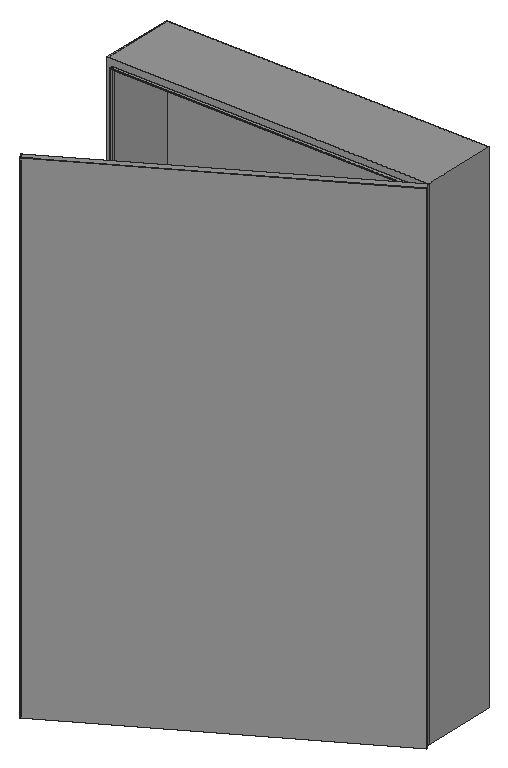
Revit family "Hager-Univers-IP54-D205-H1250-Cl.I-Encl-NoHosted-CH-en", category Equipement électrique, Revit 2020
Family settings
  Configuration du panneau = Deux colonnes, circuits au sein
  Cote de connecteur circulaire = Utiliser le diamètre
  Type d'élément = Tableau de raccordement
  Basée sur le plan de construction = Oui
  Toujours verticalement = Oui
  Couper avec des vides une fois chargée = Non
  Partagée = Non
  Point de calcul de pièce = Non
Parameters (values of type "Surface mounted (plaster) IP54 W800 H1250 D205  - FP83TW2")
  Width Control [instance] = if([EF000008 - Width] > Min Width, [EF000008 - Width], Min Width)  # 800 mm
  Commentaires du type = [HG000003 - Range]  # "Univers"
  Thickness Door [instance] = if([EF009171 - Material plate thickness door/cover] > 3 mm, 3 mm, [EF009171 - Material plate thickness door/cover])  # 1 mm
  Seal Frame Offset [instance] = 17 mm  # constant formula
  Plinth Visibility [instance] = [HG000027 - Plinth height] > 0 mm  # no
  Min Width [instance] = 100 mm  # constant formula
  Min Depth [instance] = (2 * [EF009170 - Material plate thickness cabinet]) + 1 mm  # 3 mm
  Min Height [instance] = 100 mm  # constant formula
  Internal Frame Depth [instance] = (Door System Depth * 0.5)  # 9 mm
  Panel Name [instance] = ""  # (empty or 0)
  Model = ""
  HG000027 - Plinth height = 0 mm
  HG000026 - Floor standing = no
  HG000024 - Bottom section height = 600 mm
  HG000023 - Double section enclosure = no
  HG000016 - Door 3d visibility [instance] = yes
  HG000015 - Clearance visibility [instance] = no
  HG000014 - Door on the right [instance] = yes
  HG000013 - Door on the left [instance] = not([HG000014 - Door on the right])  # no
  HG000012 - Door swing angle [instance] = 30.00°
  HG000010 - Asymmetric doors = no
  HG000009 - Double swing door = no
  HG000006 - Flush mounted = no
  HG000004 - Manufacturer reference = "FP83TW2"
  HG000003 - Range = "Univers"
  HG000002 - With door or cover = yes
  Frame Offset Bottom [instance] = 10 mm  # constant formula
  Frame Offset [instance] = 15 mm  # constant formula
  EF015940 - Cover with overpressure release = no
  EF011959 - Degree of protection (NEMA) = ""
  EF009554 - Number of openings for flange plates = 6
  EF009212 - Cover model = "EV000116 - Closed"
  EF009171 - Material plate thickness door/cover = 1 mm
  EF009170 - Material plate thickness cabinet = 1 mm
  EF008873 - Nominal current (In) = 250 A
  EF007800 - Suitable for lightning protection = no
  EF006306 - With lock = no
  EF006244 - Transparent cover/door = no
  EF005474 - Degree of protection (IP) = "EV006419 - IP54"
  EF004464 - Type of door = "EV002646 - Single"
  EF004427 - Number of modules = 288
  EF004293 - Impact strength = "EV006815 - IK09"
  EF003532 - Suitable for outdoor use = no
  EF002950 - Width in number of modular spacings = 36
  EF001613 - Circuit integrity = "EV000494 - None"
  EF001596 - Material housing = "EV000179 - Steel"
  EF001131 - Internal depth = 130 mm
  EF001088 - Extension possible = yes
  EF000437 - Number of conduit inlets = 6
  EF000339 - Type of cover = "EV001012 - Cover"
  EF000266 - Number of rows = 8
  EF000218 - Built-in depth = 205 mm
  EF000118 - With mounting plate = no
  EF000116 - RAL-number = "9010"
  EF000049 - Depth = 205 mm
  EF000040 - Height = 1250 mm
  EF000008 - Width = 800 mm
  EF000007 - Colour = "EV000202 - White"
  EF000003 - Mounting method = "EV000384 - Surface mounted (plaster)"
  Door System Leaf Tolerance [instance] = 1.5 mm  # constant formula
  Door System Depth [instance] = 18 mm  # constant formula
  Door Height [instance] = Height Control - [HG000027 - Plinth height]  # 1250 mm
  Description = ""
  Default Elevation = 1219.2 mm
  Connector Offset [instance] = Height Control / 2  # 625 mm
  Fabricant = "Hager"  # constant formula
  Height Control [instance] = if([EF000040 - Height] > Min Height, [EF000040 - Height], Min Height)  # 1250 mm
  Depth Control [instance] = if([EF000049 - Depth] > Min Depth, [EF000049 - Depth], Min Depth)  # 205 mm
  Bottom Top Plate Trim [instance] = 1.5 mm  # constant formula
  Plinth height Ctrl [instance] = if([HG000027 - Plinth height] > 0 mm, [HG000027 - Plinth height], 12 mm)  # 12 mm
Types (5, lengths in mm): name | Width Control | HG000004 - Manufacturer reference | EF009554 - Number of openings for flange plates | EF004464 - Type of door | EF004427 - Number of modules | EF002950 - Width in number of modular spacings | EF000437 - Number of conduit inlets | EF000008 - Width
  Surface mounted (plaster) IP54 W1050 H1250 D205  - FP84TW2 | 1050 | "FP84TW2" | 8 | "EV003602 - Double" | 384 | 48 | 8 | 1050
  Surface mounted (plaster) IP54 W1300 H1250 D205  - FP85TW2 | 1300 | "FP85TW2" | 10 | "EV003602 - Double" | 480 | 60 | 10 | 1300
  Surface mounted (plaster) IP54 W300 H1250 D205  - FP81TW2 | 300 | "FP81TW2" | 2 | "EV002646 - Single" | 96 | 12 | 2 | 300
  Surface mounted (plaster) IP54 W550 H1250 D205  - FP82TW2 | 550 | "FP82TW2" | 4 | "EV002646 - Single" | 192 | 24 | 4 | 550
  Surface mounted (plaster) IP54 W800 H1250 D205  - FP83TW2 | 800 | "FP83TW2" | 6 | "EV002646 - Single" | 288 | 36 | 6 | 800
Reference planes
  plane 1 "Center (Front/Back)": y = 0
  plane 2: z = 0
  plane 3 "Center (Left/Right)": x = 0
  plane 4: y = 0
  plane 5: y = 0
  plane 6: z = 0
  plane 7: x = -400
  plane 8: x = 400
  plane 9: x = 399
  plane 10: x = -399
  plane 11: z = 0
  plane 12: z = 1
  plane 13: y = -205
  plane 14: y = -1
  plane 15: x = 0
  plane 16: y = -187
  plane 17: y = -204
  plane 18: y = -186
  plane 19: x = -384
  plane 20: x = 384
  plane 21: z = 11
  plane 22: x = -383
  plane 23: x = 383
  plane 24: z = 0
  plane 25: z = 1250
  plane 26: z = 1250
  plane 27: z = 1234
  plane 28: z = 1249
Forms (mm)
  Extrusion 1, solid, material "Hager_Steel_RAL7035_Light_Grey", detail levels medium+fine
    sketch origin (-208.679, -4572, 0) x (-1, 0, 0) y (0, -1, 0)
      loop
        line (191.321, -4385) -> (-608.679, -4385) -> (-608.679, -4572) -> (191.321, -4572) -> (191.321, -4385)
    from 0 to 1250
  Extrusion 2, void
    sketch origin (-350.771, -205, 1219.2) x (1, 0, 0) y (0, 0, 1)
      loop
        line (-48.229, 29.8) -> (-48.229, -1218.2) -> (749.771, -1218.2) -> (749.771, 29.8) -> (-48.229, 29.8)
    from -19 to -204
  Extrusion 3, void
    sketch origin (-290.084, -187, 1219.2) x (1, 0, 0) y (0, 0, 1)
      loop
        line (-93.916, -1208.2) -> (674.084, -1208.2) -> (674.084, 14.8) -> (-93.916, 14.8) -> (-93.916, -1208.2)
    from 0 to -1
  Extrusion 4, solid, material "Hager_Steel_RAL7035_Light_Grey", visible <- "Plinth Visibility", detail levels medium+fine
    sketch origin (0, 0, 0) x (1, 0, 0) y (0, 1, 0)
      loop
        line (-400, 0) -> (-400, -187) -> (400, -187) -> (400, 0) -> (-400, 0)
    from 0 to 12 <- "Plinth height Ctrl"
  Extrusion 5, solid, material "Hager_Steel_RAL7035_Light_Grey", detail levels coarse
    sketch origin (0, 0, 0) x (1, 0, 0) y (0, 1, 0)
      loop
        line (-400, 0) -> (-400, -205) -> (400, -205) -> (400, 0) -> (-400, 0)
    from 0 to 1250 <- "Height Control"
  Sweep 6, void
    path in 3D
      loop
        line (-400, -187, 12) -> (400, -187, 12) -> (400, 0, 12) -> (-400, 0, 12) -> (-400, -187, 12)
    profile origin (-400, -93.5, 12) x (1, 0, 0) y (0, 0, 1)
      loop
        line (0, 0) -> (0, -1.5) -> (1.5, -1.5)
        arc (1.5, -1.5) -> (1.061, -0.439) -> (0, 0) r 1.5
  Extrusion 7, solid, material "Hager_Steel_RAL7035_Light_Grey", detail levels fine
    sketch origin (-400, -187, 0) x (1, 0, 0) y (0, 0, 1)
      loop
        line (16, 11) -> (784, 11) -> (784, 1234) -> (16, 1234) -> (16, 11)
      loop
        line (15, 10) -> (785, 10) -> (785, 1235) -> (15, 1235) -> (15, 10)
    from 0 to 9 <- "Internal Frame Depth"
Cuts and joins
  Extrusion 2, Extrusion 3 cuts Extrusion 1
  Sweep 6 cuts Extrusion 4
Lines and regions (mm)
  Masking region 1
    outline origin (0, 0, 0) x (1, 0, 0) y (0, 1, 0)
      loop
        line (-400, 0) -> (-400, -205) -> (400, -205) -> (400, 0) -> (-400, 0)
  Masking region 2, detail levels coarse
    outline origin (-290.084, -187, 1219.2) x (-1, 0, 0) y (0, 0, 1)
      loop
        line (-690.084, -1219.2) -> (109.916, -1219.2) -> (109.916, 30.8) -> (-690.084, 30.8) -> (-690.084, -1219.2)
  Masking region 3, detail levels coarse
    outline origin (0, 0, 0) x (0, 1, 0) y (0, 0, 1)
      loop
        line (0, 0) -> (0, 1250) -> (-205, 1250) -> (-205, 0) -> (0, 0)
  Masking region 4, visible <- "Plinth Visibility", detail levels medium+fine
    outline origin (0, 0, 0) x (0, 1, 0) y (0, 0, 1)
      loop
        line (-1.5, 12) -> (-185.5, 12)
        arc (-185.5, 12) -> (-185.939, 10.939) -> (-187, 10.5) r 1.5
        line (-187, 10.5) -> (-187, 0) -> (0, 0) -> (0, 10.5)
        arc (0, 10.5) -> (-1.061, 10.939) -> (-1.5, 12) r 1.5
  Masking region 5, detail levels medium+fine
    outline origin (0, 0, 594.038) x (0, 1, 0) y (0, 0, 1)
      loop
        line (0, -594.038) -> (0, 655.962) -> (-187, 655.962) -> (-187, -594.038) -> (0, -594.038)
  Masking region 6, detail levels medium+fine
    outline origin (-359.7, -187, 1211.883) x (-1, 0, 0) y (0, 0, 1)
      loop
        line (-759.7, -1211.883) -> (40.3, -1211.883) -> (40.3, 38.117) -> (-759.7, 38.117) -> (-759.7, -1211.883)
  Masking region 7, visible <- "Plinth Visibility", detail levels medium+fine
    outline origin (-320.334, -187, 1041.368) x (-1, 0, 0) y (0, 0, 1)
      loop
        line (-720.334, -1041.368) -> (79.666, -1041.368) -> (79.666, -1030.868)
        arc (79.666, -1030.868) -> (78.606, -1030.429) -> (78.166, -1029.368) r 1.5
        line (78.166, -1029.368) -> (-718.834, -1029.368)
        arc (-718.834, -1029.368) -> (-719.273, -1030.429) -> (-720.334, -1030.868) r 1.5
        line (-720.334, -1030.868) -> (-720.334, -1041.368)
  sketch lines
    curve 1: line (-400, 0, 12) -> (-400, -187, 12)
    curve 2: line (-400, -187, 12) -> (400, -187, 12)
    curve 3: line (400, 0, 12) -> (-400, 0, 12)
    curve 4: line (400, -187, 12) -> (400, 0, 12)
Dimensions and locks
  locked: plane 1 "Center (Front/Back)" to plane 5
  "EF009170 - Material plate thickness cabinet": plane 7 to plane 10
  "EF009170 - Material plate thickness cabinet": plane 8 to plane 9
  equal spacing: plane 7, plane 3 "Center (Left/Right)", plane 8
  "Width Control": plane 7 to plane 8
  "Depth Control": plane 4 to plane 13
  "EF009170 - Material plate thickness cabinet": plane 4 to plane 14
  "Height Control": plane 25 to level
  "HG000027 - Plinth height": plane 11 to level
  "EF009170 - Material plate thickness cabinet": plane 12 to plane 11
  "EF009170 - Material plate thickness cabinet": plane 17 to plane 13
  "EF009170 - Material plate thickness cabinet": plane 18 to plane 16
  "Frame Offset Bottom": plane 21 to plane 12
  "Frame Offset": plane 10 to plane 19
  "Frame Offset": plane 9 to plane 20
  "Door System Depth": plane 16 to plane 13
  "Seal Frame Offset": plane 7 to plane 22
  "Seal Frame Offset": plane 8 to plane 23
  "EF009170 - Material plate thickness cabinet": plane 26 to plane 28
  "Frame Offset": plane 28 to plane 27
  "Connector Offset": plane 2 to connector elem
  "Bottom Top Plate Trim": profile plane to Sweep 6 sketch curve
  "Bottom Top Plate Trim": Sweep 6 sketch curve to Sweep 6 sketch curve
  "Plinth height Ctrl": Masking region 4 sketch curve to level
  "Plinth height Ctrl": Masking region 7 sketch curve to level
  "Thickness Door": Extrusion 7 sketch curve to Extrusion 7 sketch curve  (x4)
  "Bottom Top Plate Trim": radius of Sweep 6 sketch curve
  "Bottom Top Plate Trim": radius of Masking region 4 sketch curve  (x2)
  "Bottom Top Plate Trim": radius of Masking region 7 sketch curve  (x2)
  aligned and locked: Extrusion 2 sketch curve to plane 12
  aligned and locked: Extrusion 2 sketch curve to plane 9
  aligned and locked: Extrusion 2 sketch curve to plane 10
  aligned and locked: Extrusion 2 to plane 14
  aligned and locked: Extrusion 1 sketch curve to plane 4
  aligned and locked: plane 8 to Extrusion 1 sketch curve
  aligned and locked: plane 7 to Extrusion 1 sketch curve
  aligned and locked: Extrusion 2 to plane 18
  aligned and locked: Extrusion 3 sketch curve to plane 19
  aligned and locked: plane 20 to Extrusion 3 sketch curve
  aligned and locked: Extrusion 3 to Extrusion 2
  aligned and locked: Extrusion 3 sketch curve to plane 21
  aligned and locked: plane 3 "Center (Left/Right)" to nested 1
  aligned and locked: Extrusion 1 sketch curve to plane 16
  aligned and locked: Extrusion 4 sketch curve to cut or joined group of Extrusion 1, Extrusion 2, Extrusion 3
  aligned and locked: Masking region 1 sketch curve to plane 7
  aligned and locked: Masking region 1 sketch curve to plane 5
  aligned and locked: Masking region 1 sketch curve to plane 8
  aligned and locked: Masking region 2 sketch curve to level
  aligned and locked: level to Masking region 3 sketch curve
  aligned and locked: plane 1 "Center (Front/Back)" to Masking region 3 sketch curve
  aligned and locked: plane 13 to Masking region 3 sketch curve
  aligned and locked: plane 5 to Masking region 4 sketch curve
  aligned and locked: Masking region 2 sketch curve to plane 8
  aligned and locked: Masking region 2 sketch curve to plane 7
  aligned and locked: plane 7 to nested 2
  aligned and locked: nested 2 to plane 5
  aligned and locked: plane 5 to Masking region 5 sketch curve
  aligned and locked: plane 26 to Masking region 5 sketch curve
  aligned and locked: Extrusion 5 sketch curve to plane 8
  aligned and locked: Extrusion 5 sketch curve to plane 7
  aligned and locked: Extrusion 5 sketch curve to plane 5
  aligned and locked: Extrusion 3 sketch curve to plane 27
  aligned and locked: Extrusion 2 sketch curve to plane 28
  aligned and locked: Masking region 2 to plane 25
  aligned and locked: Extrusion 4 to plane 16
  aligned and locked: profile plane to Sweep 6 sketch curve
  aligned and locked: Masking region 5 sketch curve to plane 24
  aligned and locked: level to Masking region 4 sketch curve
  aligned and locked: Masking region 1 to plane 13
  aligned and locked: nested 1 to plane 16
  aligned and locked: Masking region 3 to plane 25
  aligned and locked: plane 16 to Masking region 4 sketch curve
  aligned and locked: Masking region 5 sketch curve to plane 16
  aligned and locked: plane 24 to plane 11
  aligned and locked: plane 26 to plane 25
  aligned and locked: plane 26 to cut or joined group of Extrusion 1, Extrusion 2, Extrusion 3
  aligned and locked: nested 1 to plane 24
  aligned and locked: Extrusion 1 to Extrusion 3
  aligned and locked: Masking region 6 sketch curve to plane 8
  aligned and locked: Masking region 6 sketch curve to plane 24
  aligned and locked: Masking region 6 sketch curve to plane 7
  aligned and locked: Masking region 6 sketch curve to plane 26
  aligned and locked: Masking region 7 sketch curve to plane 7
  aligned and locked: level to Masking region 7 sketch curve
  aligned and locked: Masking region 7 sketch curve to plane 8
  aligned and locked: Extrusion 7 sketch curve to cut or joined group of Extrusion 1, Extrusion 2, Extrusion 3  (x4)
Automatic sketch dimensions
  plane 19 to Extrusion 3 sketch curve = 0 mm
  Extrusion 3 sketch curve to plane 20 = 0 mm
  Extrusion 3 sketch curve to plane 21 = 0 mm
  Extrusion 4 sketch curve to plane 7 = 0 mm
  Extrusion 4 sketch curve to plane 8 = 0 mm
  Extrusion 4 sketch curve to plane 16 = 0 mm
  Masking region 1 sketch curve to plane 13 = 0 mm
  Masking region 2 sketch curve to plane 25 = 0 mm
  Masking region 3 sketch curve to plane 25 = 0 mm
  Extrusion 5 sketch curve to plane 13 = 0 mm
  profile plane to Sweep 6 sketch curve = 0 mm
Nested families
  nested 1: "EC000058_Univers_Door" at (0, -187, 0), Double <- "HG000009 - Double swing door", Transparent <- "EF006244 - Transparent cover/door", Angle <- "HG000012 - Door swing angle", Door_Right <- "HG000014 - Door on the right", Assymetrical <- "HG000010 - Asymmetric doors", Door <- "HG000002 - With door or cover", Width_Ctrl <- "Width Control", 3d_Door <- "HG000016 - Door 3d visibility", Clearance <- "HG000015 - Clearance visibility", Door_Left <- "HG000013 - Door on the left", Width <- "Width Control", Door_Depth <- "Door System Depth", Leaf_Tolerance <- "Door System Leaf Tolerance", Height <- "Door Height", Lock_Visibility <- "EF006306 - With lock", Thickness <- "Thickness Door", type "EC000058_Univers_Door", detail levels medium+fine
    with min_wh 3 mm, Width_Ctrl 800 mm, Width 800 mm, Transparent no, Thickness 1 mm, Seal_Material Hager_Rubber, Lock_Visibility no, Lock_Material Hager_Plastic_RAL9005_Jet_Black, Leaf_Width 800 mm, Leaf_Tolerance_External_Sides 0 mm, Leaf_Tolerance 1.5 mm, Leaf_Offset 0 mm, Leaf_Height 1247 mm, Leaf_2_Width 800 mm, Leaf_2_Offset 400 mm, Leaf_1_Width 800 mm, Leaf_1_Offset 400 mm, Height_Ctrl 1250 mm, Height 1250 mm, Glass_Material Hager_Glass, Double_Clearance_Ctrl no, Double no, Door_Right_Ctrl yes, Door_Right yes, Door_Material Hager_Steel_RAL7035_Light_Grey, Door_Left_Ctrl no, Door_Left no, Door_Depth 18 mm, Door yes, Clearance_Material Hager_Clearance, Clearance_Depth 800 mm, Clearance_Ctrl no, Clearance no, Assymetrical no, Angle 30.00°, 3d_Door yes
  nested 2: "Hager_Enclosure_Symbol" at (-400, 0, 0), Height <- "Depth Control", Width <- "Width Control", type "Hager_Enclosure_Symbol"
    with Width_Ctrl 800 mm, Width 800 mm, Height_Ctrl 205 mm, Height 205 mm, A_Width_Int 13.453 mm, A_Width 161.438 mm, A_Height_Ctrl 179.375 mm, A_Height 179.375 mm
Connectors
  electrical at (0, 0, 625)
    settings: on plane 1 "Center (Front/Back)", index 1, voltage 0 V, apparent load 0 VA, apparent load phase1 0 VA, apparent load phase2 0 VA, apparent load phase3 0 VA, power factor 1, load classification "Other", number of poles 1, system type 30, power factor state 1, is connector primary yes, connector utility no, sub classification motor no, connector description ""
Definition of nested family "EC000058_Univers_Door"
  Parameters (values of type "EC000058_Univers_Door")
    min_wh [instance] = (2 * Thickness) + 1 mm  # 11 mm
    Width_Ctrl [instance] = 400 mm
    Width [instance] = 500 mm
    Transparent [instance] = yes
    Thickness [instance] = 5 mm
    Seal_Material [instance] = none
    Lock_Visibility [instance] = yes
    Lock_Material [instance] = none
    Leaf_Width [instance] = if((Width_Ctrl - 2 * Leaf_Tolerance_External_Sides) > 0 mm, (Width_Ctrl - 2 * Leaf_Tolerance_External_Sides), min_wh)  # 400 mm
    Leaf_Tolerance_External_Sides [instance] = 0 mm  # constant formula
    Leaf_Tolerance [instance] = 1.5 mm
    Leaf_Offset [instance] = 0 mm  # constant formula
    Leaf_Height [instance] = if((Height_Ctrl - 2 * Leaf_Tolerance) > 0 mm, (Height_Ctrl - 2 * Leaf_Tolerance), min_wh)  # 497 mm
    Leaf_2_Width [instance] = if(and(and(Double, Assymetrical), Door_Left), (Leaf_Width / 3) - (Leaf_Tolerance / 2), if(and(and(Double, Assymetrical), Door_Right), (Leaf_Width / 3) * 2 - (Leaf_Tolerance / 2), if(and(Double, not(Assymetrical)), (Leaf_Width / 2) - Leaf_Tolerance, Leaf_Width)))  # 400 mm
    Leaf_2_Offset [instance] = if(and(Double, Assymetrical), Leaf_2_Width / 2, if(and(Double, not(Assymetrical)), Leaf_Width / 4, Leaf_Width / 2))  # 200 mm
    Leaf_1_Width [instance] = if(and(and(Double, Assymetrical), Door_Right), (Leaf_Width / 3) - (Leaf_Tolerance / 2), if(and(and(Double, Assymetrical), Door_Left), (Width / 3) * 2 - (Leaf_Tolerance / 2), if(and(Double, not(Assymetrical)), (Leaf_Width / 2) - Leaf_Tolerance, Leaf_Width)))  # 400 mm
    Leaf_1_Offset [instance] = if(and(Double, Assymetrical), Leaf_1_Width / 2, if(and(Double, not(Assymetrical)), Leaf_Width / 4, Leaf_Width / 2))  # 200 mm
    Height_Ctrl [instance] = if(Height > min_wh, Height, min_wh)  # 500 mm
    Height [instance] = 500 mm
    Glass_Material [instance] = none
    Double_Clearance_Ctrl [instance] = and(Double, Clearance)  # no
    Double [instance] = no
    Door_Right_Ctrl [instance] = and(or(Door_Right, Double), Door)  # yes
    Door_Right [instance] = yes
    Door_Material [instance] = none
    Door_Left_Ctrl [instance] = and(or(Door_Left, Double), Door)  # no
    Door_Left [instance] = no
    Door_Depth [instance] = 30 mm
    Door [instance] = yes
    Default Elevation = 1219.2 mm
    Clearance_Material [instance] = none
    Clearance_Depth [instance] = if(Leaf_1_Width > Leaf_2_Width, Leaf_1_Width, Leaf_2_Width)  # 400 mm
    Clearance_Ctrl [instance] = and(not(Double), Clearance)  # yes
    Clearance [instance] = yes
    Assymetrical [instance] = yes
    Angle [instance] = 30.00°
    3d_Door [instance] = yes
  Reference planes
    plane 1 "Center (Front/Back)": y = 0
    plane 2 "Bottom": z = 0
    plane 3 "Center (Left/Right)": x = 0
    plane 4: z = 500
    plane 5: x = -200
    plane 6: x = 200
    plane 7: z = 500
    plane 8: x = -200
    plane 9: z = 0
    plane 10: x = 200
    plane 11: y = 0
    plane 12: z = 1.5
    plane 13: x = -600
    plane 14: y = -400
    plane 15: x = 600
    plane 16: x = 0
    plane 17: x = 0
    plane 18: x = -200
    plane 19: x = 200
    plane 20: z = 498.5
  Forms (mm)
    Extrusion 1, solid, material <- "Clearance_Material", visible <- "Double_Clearance_Ctrl"
      sketch origin (1200, 0, 0) x (1, 0, 0) y (0, 0, -1)
        loop
          line (-1800, -498.5) -> (-600, -498.5) -> (-600, 0) -> (-1800, 0) -> (-1800, -498.5)
      from 0 to -400
  Dimensions and locks
    equal spacing: plane 5, plane 3 "Center (Left/Right)", plane 6
    "Width_Ctrl": plane 5 to plane 6
    "Leaf_Offset": plane 5 to plane 8
    "Leaf_Offset": plane 6 to plane 10
    "Leaf_Offset": plane 9 to level
    "Leaf_Offset": plane 4 to plane 7
    "Height_Ctrl": plane 4 to level
    "Leaf_Tolerance": plane 12 to plane 9
    locked: plane 11 to plane 1 "Center (Front/Back)"
    "Leaf_1_Offset": plane 18 to plane 16
    "Leaf_2_Offset": plane 17 to plane 19
    "Leaf_1_Width": plane 13 to plane 8
    "Leaf_2_Width": plane 10 to plane 15
    "Clearance_Depth": plane 14 to plane 1 "Center (Front/Back)"
    "Leaf_Tolerance_External_Sides": plane 8 to plane 18
    "Leaf_Tolerance_External_Sides": plane 19 to plane 10
    "Leaf_Tolerance": plane 7 to plane 20
    aligned and locked: level to plane 2 "Bottom"
    aligned and locked: nested 1 to plane 16
    aligned and locked: nested 2 to plane 17
    aligned and locked: Extrusion 1 to plane 13
    aligned and locked: plane 15 to Extrusion 1
    aligned and locked: Extrusion 1 to plane 14
    aligned and locked: plane 12 to nested 1
    aligned and locked: nested 2 to plane 12
    aligned and locked: Extrusion 1 to plane 11
    aligned and locked: plane 20 to Extrusion 1
    aligned and locked: nested 2 to plane 11
    aligned and locked: nested 1 to plane 11
  Automatic sketch dimensions
    Extrusion 1 sketch curve to level = 0 mm
    plane 5 to Extrusion 1 sketch curve = 400 mm
    plane 6 to Extrusion 1 sketch curve = 400 mm
    Extrusion 1 sketch curve to plane 4 = 1.5 mm
  Nested families
    nested 1: "EC000058_Univers_Door_Leaf" at (0, 0, 1.5), Width <- "Leaf_1_Width", visible <- "Door_Left_Ctrl", Leaf_Height <- "Leaf_Height", Angle <- "Angle", 3d_Door <- "3d_Door", Transparent <- "Transparent", Clearance Material <- "Clearance_Material", Clearance <- "Clearance_Ctrl", Door_Material <- "Door_Material", Glass_Material <- "Glass_Material", Door_Depth <- "Door_Depth", Lock_Material <- "Lock_Material", Seal_Material <- "Seal_Material", Lock_Visibility <- "Lock_Visibility", Thickness <- "Thickness", type "EC000058_Univers_Door_Leaf"
      with Width 400 mm, Transparent_Glass_Offset 30 mm, Transparent_Ctrl yes, Transparent yes, Thickness 5 mm, Standard no, Seal_Material none, Seal_D2 8 mm, Seal_D1 1 mm, Offset_Internal_Frame 10 mm, Lock_Width 20 mm, Lock_Visibility_3d yes, Lock_Visibility yes, Lock_Thickness_3 3 mm, Lock_Thickness_2 1 mm, Lock_Thickness_1 3 mm, Lock_Radius_Offset_2 16 mm, Lock_Radius_Offset_1 15 mm, Lock_Radius_2 5 mm, Lock_Radius 6 mm, Lock_Offset 5 mm, Lock_Material none, Lock_Height 80 mm, Lock_Cover_Top_Offset_2d 17 mm, Lock_Cover_Height -65 mm, Leaf_Height 497 mm, Internal_Seal_Thickness 8 mm, Internal_Seal_Depth_2 4.5 mm, Internal_Frame_Depth 25 mm, Glass_Thickness -1 mm, Glass_Offset -2 mm, Glass_Material none, Door_Material none, Door_Depth 30 mm, Clearance Material none, Clearance yes, Angle_Ctrl 30.00°, Angle 30.00°, 3d_Door yes
    nested 2: "EC000058_Univers_Door_Leaf" at (0, 0, 1.5) x (-1, 0, 0) z (0, 0, 1), Width <- "Leaf_2_Width", visible <- "Door_Right_Ctrl", Leaf_Height <- "Leaf_Height", Angle <- "Angle", 3d_Door <- "3d_Door", Transparent <- "Transparent", Clearance Material <- "Clearance_Material", Clearance <- "Clearance_Ctrl", Door_Material <- "Door_Material", Glass_Material <- "Glass_Material", Door_Depth <- "Door_Depth", Lock_Material <- "Lock_Material", Seal_Material <- "Seal_Material", Lock_Visibility <- "Lock_Visibility", Thickness <- "Thickness", type "EC000058_Univers_Door_Leaf"
      with Width 400 mm, Transparent_Glass_Offset 30 mm, Transparent_Ctrl yes, Transparent yes, Thickness 5 mm, Standard no, Seal_Material none, Seal_D2 8 mm, Seal_D1 1 mm, Offset_Internal_Frame 10 mm, Lock_Width 20 mm, Lock_Visibility_3d yes, Lock_Visibility yes, Lock_Thickness_3 3 mm, Lock_Thickness_2 1 mm, Lock_Thickness_1 3 mm, Lock_Radius_Offset_2 16 mm, Lock_Radius_Offset_1 15 mm, Lock_Radius_2 5 mm, Lock_Radius 6 mm, Lock_Offset 5 mm, Lock_Material none, Lock_Height 80 mm, Lock_Cover_Top_Offset_2d 17 mm, Lock_Cover_Height -65 mm, Leaf_Height 497 mm, Internal_Seal_Thickness 8 mm, Internal_Seal_Depth_2 4.5 mm, Internal_Frame_Depth 25 mm, Glass_Thickness -1 mm, Glass_Offset -2 mm, Glass_Material none, Door_Material none, Door_Depth 30 mm, Clearance Material none, Clearance yes, Angle_Ctrl 30.00°, Angle 30.00°, 3d_Door yes
  Definition of nested family "EC000058_Univers_Door_Leaf"
    Parameters (values of type "EC000058_Univers_Door_Leaf")
      Width [instance] = 2000 mm
      Transparent_Glass_Offset [instance] = 30 mm
      Transparent_Ctrl [instance] = and(Transparent, [3d_Door])  # yes
      Transparent [instance] = yes
      Thickness [instance] = 5 mm
      Standard [instance] = and(not(Transparent), [3d_Door])  # no
      Seal_Material [instance] = none
      Seal_D2 [instance] = 8 mm  # constant formula
      Seal_D1 [instance] = 1 mm  # constant formula
      Offset_Internal_Frame [instance] = 10 mm  # constant formula
      Lock_Width [instance] = 20 mm  # constant formula
      Lock_Visibility_3d [instance] = and(Lock_Visibility, [3d_Door])  # yes
      Lock_Visibility [instance] = yes
      Lock_Thickness_3 [instance] = 3 mm  # constant formula
      Lock_Thickness_2 [instance] = 1 mm  # constant formula
      Lock_Thickness_1 [instance] = 3 mm  # constant formula
      Lock_Radius_Offset_2 [instance] = Lock_Radius_Offset_1 + 1 mm  # 16 mm
      Lock_Radius_Offset_1 [instance] = 15 mm  # constant formula
      Lock_Radius_2 [instance] = Lock_Radius - 1 mm  # 5 mm
      Lock_Radius [instance] = 6 mm  # constant formula
      Lock_Offset [instance] = 5 mm  # constant formula
      Lock_Material [instance] = none
      Lock_Height [instance] = 80 mm  # constant formula
      Lock_Cover_Top_Offset_2d [instance] = Lock_Radius_Offset_2 + 1 mm  # 17 mm
      Lock_Cover_Height [instance] = -(Lock_Height - Lock_Radius_Offset_1)  # -65 mm
      Leaf_Height [instance] = 2720.336 mm
      Internal_Seal_Thickness [instance] = 8 mm  # constant formula
      Internal_Seal_Depth_2 [instance] = 4.5 mm  # constant formula
      Internal_Frame_Depth [instance] = if(Door_Depth - Thickness > 5 mm, Door_Depth - Thickness, 5 mm)  # 25 mm
      Glass_Thickness [instance] = if(Thickness > 15 mm, Glass_Offset + 10 mm, -1 mm)  # -1 mm
      Glass_Offset [instance] = if(Thickness > 15 mm, -(Thickness + 10 mm) / 2, -2 mm)  # -2 mm
      Glass_Material [instance] = none
      Door_Material [instance] = none
      Door_Depth [instance] = 30 mm
      Default Elevation = 0 mm
      Clearance Material [instance] = none
      Clearance [instance] = yes
      Angle_Ctrl [instance] = if(Angle > 180.00°, 180.00°, Angle)  # 90.00°
      Angle [instance] = 90.00°
      3d_Door [instance] = yes
    Reference planes
      plane 1 "Center (Front/Back)": y = 0
      plane 2: z = 0
      plane 3 "Center (Left/Right)": x = 0
      plane 4: y = 2000
      plane 5: x = -1000
      plane 6: x = 1000
      plane 7: x = -3000
      plane 8: z = 2720.336
      plane 9: z = 30
      plane 10: z = 2690.336
      plane 11: x = 970
      plane 12: x = -970
      plane 13: y = -3
      plane 14: z = 107.833
      plane 15: y = -5
      plane 16: y = -223.314
      plane 17: x = -1000
      plane 18: z = 1360.168
      plane 19: y = 30
    Forms (mm)
      Extrusion 1, solid, material <- "Clearance Material", visible <- "Clearance"
        sketch origin (0, 0, 0) x (1, 0, 0) y (0, 0, 1)
          loop
            line (-3000, 2720.336) -> (-3000, 0) -> (1000, 0) -> (1000, 2720.336) -> (-3000, 2720.336)
        from 0 to -2000
      Extrusion 2, solid, material <- "Door_Material", visible <- "Standard", detail levels medium+fine
        sketch origin (-1000, 0, 0) x (0, 1, 0) y (-1, 0, 0)
          loop
            line (0, 30) -> (0, 25) -> (2000, 25) -> (2000, 30) -> (0, 30)
        from 0 to 2720.336 <- "Leaf_Height"
      Extrusion 3, solid, material <- "Door_Material", visible <- "Transparent_Ctrl", detail levels medium+fine
        sketch origin (-1000, 0, 0) x (0, 1, 0) y (-1, 0, 0)
          loop
            line (0, 25) -> (2000, 25) -> (2000, 30) -> (0, 30) -> (0, 25)
        from 0 to 2720.336 <- "Leaf_Height"
      Extrusion 4, void
        sketch origin (-1025, 2000, 0) x (0, 1, 0) y (0, 0, -1)
          loop
            line (-30, -2690.336) -> (-30, -30) -> (-1970, -30) -> (-1970, -2690.336) -> (-30, -2690.336)
        from 0 to 5 <- "Thickness"
      Sweep 5, solid, material <- "Seal_Material", visible <- "Transparent_Ctrl", detail levels fine
        path in 3D
          loop
            line (-1025, 30, 30) -> (-1025, 30, 2690.336) -> (-1025, 1970, 2690.336) -> (-1025, 1970, 30) -> (-1025, 30, 30)
        profile origin (-1025, 1000, 30) x (1, 0, 0) y (0, 0, 1)
          loop
            line (0, 0) -> (0, -8) -> (1, -8) -> (1, 0) -> (0, 0)
      Extrusion 6, solid, material <- "Glass_Material", visible <- "Transparent_Ctrl", detail levels medium+fine
        sketch origin (-1030, 0, 0) x (0, 1, 0) y (0, 0, -1)
          loop
            line (1970, -2690.336) -> (1970, -30) -> (30, -30) -> (30, -2690.336) -> (1970, -2690.336)
        from -2 <- "Glass_Offset" to -1 <- "Glass_Thickness"
      Extrusion 7, solid, material <- "Door_Material", visible <- "3d_Door", detail levels medium+fine
        sketch origin (-1025, 2000, 0) x (0, -1, 0) y (0, 0, -1)
          loop
            line (0, -2720.336) -> (2000, -2720.336) -> (2000, 0) -> (0, 0) -> (0, -2720.336)
          loop
            line (1995, -5) -> (5, -5) -> (5, -2715.336) -> (1995, -2715.336) -> (1995, -5)
        from 0 to 25 <- "Internal_Frame_Depth"
      Sweep 8, solid, material <- "Seal_Material", visible <- "Transparent_Ctrl", detail levels fine
        path in 3D
          loop
            line (-1025, 0, 0) -> (-1025, 2000, 0) -> (-1025, 2000, 2720.336) -> (-1025, 0, 2720.336) -> (-1025, 0, 0)
        profile origin (-1025, 0, 1360.168) x (1, 0, 0) y (0, 1, 0)
          loop
            line (0, 10) -> (2.975, 10)
            arc (2.975, 10) -> (4.053, 10.447) -> (4.5, 11.525) r 1.525
            line (4.5, 11.525) -> (4.5, 16.527)
            arc (4.5, 16.527) -> (4.069, 17.569) -> (3.027, 18) r 1.473
            line (3.027, 18) -> (0, 18) -> (0, 10)
      Extrusion 9, solid, material <- "Lock_Material", visible <- "Lock_Visibility_3d", detail levels fine
        sketch origin (-1030, 0, 0) x (0, 1, 0) y (0, 0, -1)
          loop
            arc (1993.5, -1400.168) -> (1994.561, -1399.729) -> (1995, -1398.668) r 1.5
            line (1995, -1398.668) -> (1995, -1320.168) -> (1975, -1320.168) -> (1975, -1398.668)
            arc (1975, -1398.668) -> (1975.439, -1399.729) -> (1976.5, -1400.168) r 1.5
            line (1976.5, -1400.168) -> (1993.5, -1400.168)
        from 3 <- "Lock_Thickness_1" to 0
      Blend 10, solid, material <- "Lock_Material", visible <- "Lock_Visibility_3d", detail levels fine
        base sketch origin (-1033, 0, 0) x (0, 1, 0) y (0, 0, -1)
          loop
            line (1975, -1320.168) -> (1975, -1398.668)
            arc (1975, -1398.668) -> (1975.439, -1399.729) -> (1976.5, -1400.168) r 1.5
            line (1976.5, -1400.168) -> (1993.5, -1400.168)
            arc (1993.5, -1400.168) -> (1994.561, -1399.729) -> (1995, -1398.668) r 1.5
            line (1995, -1398.668) -> (1995, -1320.168) -> (1975, -1320.168)
        top sketch origin (-1033, 0, 0) x (0, 1, 0) y (0, 0, -1)
          loop
            line (1976, -1320.168) -> (1976, -1398.668)
            arc (1976, -1398.668) -> (1976.146, -1399.022) -> (1976.5, -1399.168) r 0.5
            line (1976.5, -1399.168) -> (1993.5, -1399.168)
            arc (1993.5, -1399.168) -> (1993.854, -1399.022) -> (1994, -1398.668) r 0.5
            line (1994, -1398.668) -> (1994, -1320.168) -> (1976, -1320.168)
        from 0 to 1 <- "Lock_Thickness_2"
      Blend 11, solid, material <- "Lock_Material", visible <- "Lock_Visibility_3d", detail levels fine
        base sketch origin (-1034, 0, 0) x (0, 1, 0) y (0, 0, -1)
          loop
            line (1978, -1320.168) -> (1978, -1384.168)
            arc (1978, -1384.168) -> (1985, -1391.168) -> (1992, -1384.168) r 7
            line (1992, -1384.168) -> (1992, -1320.168) -> (1978, -1320.168)
        top sketch origin (-1034, 0, 0) x (0, 1, 0) y (0, 0, -1)
          loop
            line (1991, -1320.168) -> (1979, -1320.168) -> (1979, -1383.168)
            arc (1979, -1383.168) -> (1985, -1389.168) -> (1991, -1383.168) r 6
            line (1991, -1383.168) -> (1991, -1320.168)
        from 0 to 3 <- "Lock_Thickness_3"
      Extrusion 12, solid, material <- "Lock_Material", visible <- "Lock_Visibility_3d", detail levels fine
        sketch origin (-1030, 1975, 1320.168) x (1, 0, 0) y (0, -1, 0)
          loop
            line (-7, -19) -> (-7, -1) -> (0, -1) -> (0, 0) -> (-8, 0) -> (-8, -20) -> (0, -20) -> (0, -19) -> (-7, -19)
        from 0 to -65 <- "Lock_Cover_Height"
      Extrusion 13, void
        sketch origin (-1038, 1995, 1320.168) x (-1, 0, 0) y (0, 0, -1)
          loop
            line (-5, -65) -> (0, -65) -> (-5, -60) -> (-5, -65)
        from 0 to 20 <- "Lock_Width"
      Extrusion 14, void
        sketch origin (-1038, 1975, 1320.168) x (0, -1, 0) y (0, 0, -1)
          loop
            circle (-10, -15.995) r 6
          loop
            circle (-10, -15.995) r 5
        from 0 to 2
      Extrusion 15, solid, material <- "Lock_Material", visible <- "Lock_Visibility_3d", detail levels medium
        sketch origin (-1030, 0, 0) x (0, 1, 0) y (0, 0, -1)
          loop
            arc (1993.5, -1400.168) -> (1994.561, -1399.729) -> (1995, -1398.668) r 1.5
            line (1995, -1398.668) -> (1995, -1320.168) -> (1975, -1320.168) -> (1975, -1398.668)
            arc (1975, -1398.668) -> (1975.439, -1399.729) -> (1976.5, -1400.168) r 1.5
            line (1976.5, -1400.168) -> (1993.5, -1400.168)
        from 8 to 0
    Cuts and joins
      Extrusion 4 cuts Extrusion 3
      Extrusion 13, Extrusion 14 cuts Extrusion 9
      Extrusion 14 cuts Blend 11
      Extrusion 13, Extrusion 14 cuts Extrusion 12
      joined: Extrusion 9, Blend 10, Blend 11, Extrusion 12
      Extrusion 14 cuts Extrusion 15
    Lines and regions (mm)
      Masking region 1, visible <- "Lock_Visibility", detail levels fine
        outline origin (0, 0, 0) x (0, 1, 0) y (0, 0, 1)
          loop
            line (30, 1320.168) -> (33, 1320.168) -> (33, 1400.168) -> (30, 1400.168) -> (30, 1320.168)
      Masking region 2, visible <- "Lock_Visibility", detail levels fine
        outline origin (0, 3.143, 0) x (0, 1, 0) y (0, 0, 1)
          loop
            line (29.857, 1354.168) -> (30.857, 1354.168) -> (30.857, 1366.168) -> (29.857, 1366.168) -> (29.857, 1354.168)
      Masking region 3, detail levels medium+fine
        outline origin (0, 0, 0) x (0, 1, 0) y (0, 0, 1)
          loop
            line (0, 0) -> (30, 0) -> (30, 2720.336) -> (0, 2720.336) -> (0, 0)
      Masking region 4, detail levels medium+fine
        outline origin (0, 0, 0) x (1, 0, 0) y (0, 0, 1)
          loop
            line (-1000, 2720.336) -> (-1000, 0) -> (1000, 0) -> (1000, 2720.336) -> (-1000, 2720.336)
      Masking region 5, visible <- "Lock_Visibility", detail levels fine
        outline origin (-47.116, 0, 0) x (1, 0, 0) y (0, 0, 1)
          loop
            arc (1024.616, 1399.168) -> (1023.556, 1398.729) -> (1023.116, 1397.668) r 1.5
            line (1023.116, 1397.668) -> (1023.116, 1320.168) -> (1041.116, 1320.168) -> (1041.116, 1397.668)
            arc (1041.116, 1397.668) -> (1040.677, 1398.729) -> (1039.616, 1399.168) r 1.5
            line (1039.616, 1399.168) -> (1024.616, 1399.168)
      Masking region 6, visible <- "Lock_Visibility", detail levels medium+fine
        outline origin (-25, 0, 0) x (1, 0, 0) y (0, 0, 1)
          loop
            arc (1001.5, 1400.168) -> (1000.439, 1399.729) -> (1000, 1398.668) r 1.5
            line (1000, 1398.668) -> (1000, 1320.168) -> (1020, 1320.168) -> (1020, 1398.668)
            arc (1020, 1398.668) -> (1019.561, 1399.729) -> (1018.5, 1400.168) r 1.5
            line (1018.5, 1400.168) -> (1001.5, 1400.168)
      Masking region 7, visible <- "Lock_Visibility", detail levels fine
        outline origin (-73.735, 0, 0) x (1, 0, 0) y (0, 0, 1)
          loop
            line (1051.735, 1382.168) -> (1065.735, 1382.168) -> (1065.735, 1384.168)
            arc (1065.735, 1384.168) -> (1058.735, 1391.168) -> (1051.735, 1384.168) r 7
            line (1051.735, 1384.168) -> (1051.735, 1382.168)
      Masking region 8, visible <- "Lock_Visibility", detail levels fine
        outline origin (-73.735, 0, 0) x (1, 0, 0) y (0, 0, 1)
          loop
            line (1052.735, 1382.168) -> (1064.735, 1382.168) -> (1064.735, 1383.168)
            arc (1064.735, 1383.168) -> (1058.735, 1389.168) -> (1052.735, 1383.168) r 6
            line (1052.735, 1383.168) -> (1052.735, 1382.168)
      Masking region 9, visible <- "Lock_Visibility", detail levels fine
        outline origin (-25, 0, 0) x (1, 0, 0) y (0, 0, 1)
          loop
            line (1020, 1320.168) -> (1020, 1382.168) -> (1000, 1382.168) -> (1000, 1320.168) -> (1020, 1320.168)
      Masking region 10, detail levels medium+fine
        outline origin (0, 0, 0) x (1, 0, 0) y (0, 0, 1)
          loop
            circle (985, 1335.144) r 6
      Masking region 11, detail levels fine
        outline origin (0, 0, 0) x (1, 0, 0) y (0, 0, 1)
          loop
            circle (985, 1335.144) r 5
      Masking region 12, visible <- "Lock_Visibility", detail levels fine
        outline origin (0, 12.767, 0) x (0, 1, 0) y (0, 0, 1)
          loop
            line (20.233, 1320.168) -> (21.233, 1320.168) -> (21.233, 1399.168) -> (20.233, 1400.168) -> (20.233, 1320.168)
      Masking region 13, visible <- "Lock_Visibility", detail levels fine
        outline origin (0, 13.767, -10) x (0, 1, 0) y (0, 0, 1)
          loop
            line (20.233, 1330.168) -> (23.233, 1330.168) -> (23.233, 1399.168) -> (20.233, 1402.168) -> (20.233, 1330.168)
      Masking region 14, visible <- "Lock_Visibility", detail levels fine
        outline origin (0, 12.767, -10) x (0, 1, 0) y (0, 0, 1)
          loop
            line (20.233, 1330.168) -> (25.233, 1330.168) -> (25.233, 1399.305) -> (20.233, 1394.305) -> (20.233, 1330.168)
      Masking region 15, visible <- "Lock_Visibility", detail levels medium
        outline origin (0, 0, 0) x (0, 1, 0) y (0, 0, 1)
          loop
            line (30, 1320.168) -> (38, 1320.168) -> (38, 1400.168) -> (30, 1400.168) -> (30, 1320.168)
      Masking region 16, visible <- "Lock_Visibility", detail levels fine
        outline origin (-1000, 0, 0) x (0, 1, 0) y (-1, 0, 0)
          loop
            line (1975, 30) -> (1995, 30) -> (1995, 38) -> (1975, 38) -> (1975, 30)
          loop
            line (1979, 37) -> (1976, 37) -> (1976, 34) -> (1978, 34) -> (1979, 37)
          loop
            line (1994, 37) -> (1991, 37) -> (1992, 34) -> (1994, 34) -> (1994, 37)
      Masking region 17, visible <- "Lock_Visibility", detail levels medium
        outline origin (-1000, 0, 0) x (0, 1, 0) y (-1, 0, 0)
          loop
            line (1975, 30) -> (1995, 30) -> (1995, 38) -> (1975, 38) -> (1975, 30)
      symbolic lines
        curve 1: line (1000, 0, 0) -> (-3000, 0, 0)
        curve 2: arc (1000, 0, 0) -> (-1000, 2000, 0) -> (-3000, 0, 0) r 2000
        curve 4: line (-1030, 0, 0) -> (-1030, 2000, 0)
      reference lines
        curve 3: line (-1000, 0, 0) -> (-1000, 2000, 0)
      symbolic lines, detail levels medium+fine
        curve 5: line (-1030, 2000, 0) -> (-1025, 2000, 0)
        curve 7: line (-1025, 0, 0) -> (-1030, 0, 0)
        curve 8: line (-1025, 0, 0) -> (-1000, 0, 0)
        curve 9: line (-1000, 0, 0) -> (-1000, 2000, 0)
        curve 10: line (-1000, 2000, 0) -> (-1025, 2000, 0)
      symbolic lines, detail levels fine
        curve 6: line (-1025, 2000, 0) -> (-1025, 0, 0)
      sketch lines
        curve 11: line (-1025, 0, 2720.336) -> (-1025, 0, 0)
        curve 12: line (-1025, 2000, 0) -> (-1025, 0, 0)
        curve 13: line (-1025, 2000, 2720.336) -> (-1025, 2000, 0)
        curve 14: line (-1025, 0, 2720.336) -> (-1025, 2000, 2720.336)
        curve 15: line (-1025, 1970, 30) -> (-1025, 30, 30)
        curve 16: line (-1025, 30, 30) -> (-1025, 30, 2690.336)
        curve 17: line (-1025, 1970, 2690.336) -> (-1025, 1970, 30)
        curve 18: line (-1025, 30, 2690.336) -> (-1025, 1970, 2690.336)
      symbolic lines, visible <- "Transparent", detail levels medium+fine
        curve 19: line (-970, 0, 2690.336) -> (970, 0, 2690.336)
        curve 20: line (-970, 0, 30) -> (-970, 0, 2690.336)
        curve 21: line (970, 0, 30) -> (-970, 0, 30)
        curve 22: line (970, 0, 2690.336) -> (970, 0, 30)
    Dimensions and locks
      "Width": plane 1 "Center (Front/Back)" to plane 4
      equal spacing: plane 5, plane 3 "Center (Left/Right)", plane 6
      "Width": plane 5 to plane 6
      "Width": plane 7 to plane 5
      "Leaf_Height": plane 8 to level
      "Width": curve 5 to curve 3
      "Width": curve 3 to curve 3
      plane 8 to plane 10 = 30 mm
      plane 9 to level = 30 mm
      plane 12 to plane 5 = 30 mm
      plane 6 to plane 11 = 30 mm
      Extrusion 1 to Extrusion 4 sketch curve = 30 mm
      "Transparent_Glass_Offset": curve 3 to Extrusion 4 sketch curve
      "Transparent_Glass_Offset": Extrusion 4 sketch curve to cut or joined group of Extrusion 3, Extrusion 4  (x2)
      cut or joined group of Extrusion 3, Extrusion 4 to Extrusion 6 sketch curve = 30 mm
      "Transparent_Glass_Offset": cut or joined group of Extrusion 3, Extrusion 4 to Extrusion 4 sketch curve
      "Thickness": curve 6 to curve 4
      "Thickness": Extrusion 7 sketch curve to Extrusion 7 sketch curve  (x4)
      "Door_Depth": curve 4 to curve 3
      "Offset_Internal_Frame": profile plane to Sweep 8 sketch curve
      "Internal_Seal_Thickness": Sweep 8 sketch curve to Sweep 8 sketch curve
      "Internal_Seal_Depth_2": profile plane to Sweep 8 sketch curve
      "Seal_D1": profile plane to Sweep 5 sketch curve
      "Seal_D2": profile plane to Sweep 5 sketch curve
      "Thickness": Extrusion 2 sketch curve to Extrusion 2 sketch curve
      equal spacing: Extrusion 9 sketch curve, plane 18, Extrusion 9 sketch curve  (x2)
      equal spacing: Masking region 1 sketch curve, plane 18, Masking region 1 sketch curve
      "Lock_Height": Masking region 1 sketch curve to Masking region 1 sketch curve
      "Lock_Radius": Masking region 2 sketch curve to plane 18 to Masking region 2 sketch curve
      Masking region 2 sketch curve to Masking region 1 = 1 mm
      "Door_Depth": plane 19 to plane 1 "Center (Front/Back)"
      "Lock_Thickness_1": Masking region 1 sketch curve to plane 19
      "Lock_Width": Extrusion 9 sketch curve to Extrusion 9 sketch curve
      "Lock_Height": Extrusion 9 sketch curve to Extrusion 9 sketch curve
      "Lock_Offset": cut or joined group of Extrusion 3, Extrusion 4 to Extrusion 9 sketch curve
      equal spacing: plane 8, plane 18, level
      "Lock_Radius_Offset_1": Blend 11 sketch curve to Blend 10
      locked: Blend 10 to Blend 11 sketch curve at 2  (x2)
      locked: var sketch to Blend 11 sketch curve at 1  (x2)
      "Lock_Radius_Offset_2": Blend 11 sketch curve to Blend 10
      locked: Extrusion 12 sketch curve to Extrusion 12 sketch curve at 1  (x3)
      Masking region 6 sketch curve to Masking region 6 sketch curve = 80 mm
      "Lock_Height": Masking region 6 sketch curve to Masking region 6 sketch curve
      "Lock_Width": Masking region 6 sketch curve to Masking region 6 sketch curve
      locked: Masking region 6 to Masking region 5 sketch curve at 1  (x3)
      locked: Masking region 5 to Masking region 7 sketch curve at 2  (x2)
      "Lock_Radius_Offset_1": Masking region 5 to Masking region 7 sketch curve
      "Lock_Radius_Offset_2": Masking region 5 to Masking region 8 sketch curve
      locked: Masking region 7 to Masking region 8 sketch curve at 1  (x2)
      "Lock_Cover_Top_Offset_2d": Masking region 5 to Masking region 9 sketch curve
      equal spacing: Masking region 9, Masking region 10 sketch curve, Masking region 9
      equal spacing: Masking region 9, Masking region 11 sketch curve, Masking region 9
      Extrusion 15 sketch curve to Extrusion 15 sketch curve = 80 mm
      "Lock_Width": Extrusion 15 sketch curve to Extrusion 15 sketch curve
      "Lock_Height": Extrusion 15 sketch curve to Extrusion 15 sketch curve
      equal spacing: Extrusion 15 sketch curve, plane 18, Extrusion 15 sketch curve
      "Lock_Thickness_3": Masking region 13 sketch curve to Masking region 13 sketch curve
      "Lock_Height": Masking region 12 sketch curve to Masking region 12 sketch curve
      locked: Masking region 13 sketch curve to Masking region 1 at 8
      locked: Masking region 14 sketch curve to Masking region 13 at 1
      locked: Masking region 14 sketch curve to Masking region 1 at 10.863
      "Lock_Height": Masking region 15 sketch curve to Masking region 15 sketch curve
      "Lock_Offset": Extrusion 15 sketch curve to cut or joined group of Extrusion 3, Extrusion 4
      "Lock_Offset": plane 6 to Masking region 6 sketch curve
      radius of Sweep 8 sketch curve = 1.525 mm
      radius of Sweep 8 sketch curve = 1.473 mm
      radius of Extrusion 9 sketch curve = 1.5 mm  (x2)
      "Lock_Radius": radius of Extrusion 14 sketch curve
      "Lock_Radius_2": radius of Extrusion 14 sketch curve
      "Lock_Radius": radius of Masking region 10 sketch curve
      "Lock_Radius_2": radius of Masking region 11 sketch curve
      radius of Extrusion 15 sketch curve = 1.5 mm  (x2)
      "Angle_Ctrl": angle plane 1 "Center (Front/Back)" to curve 3
      locked: Masking region 12 sketch curve to Masking region 12 sketch curve (angle 45.00°)
      locked: Masking region 13 sketch curve to Masking region 13 sketch curve (angle 45.00°)
      locked: Masking region 14 sketch curve to Masking region 14 sketch curve (angle 45.00°)
      aligned and locked: level to plane 2
      aligned and locked: Extrusion 1 to curve 1
      aligned and locked: plane 6 to Extrusion 1
      aligned and locked: Extrusion 1 to plane 1 "Center (Front/Back)"
      aligned and locked: plane 4 to Extrusion 1
      aligned and locked: plane 8 to Extrusion 1
      aligned and locked: curve 7 to Extrusion 2 sketch curve
      aligned and locked: curve 5 to Extrusion 2 sketch curve
      aligned and locked: curve 7 to Extrusion 3 sketch curve
      aligned and locked: Extrusion 3 sketch curve to curve 4
      aligned and locked: Extrusion 3 sketch curve to curve 6
      aligned and locked: Extrusion 3 sketch curve to curve 5
      aligned and locked: curve 9 to curve 3
      aligned and locked: Extrusion 7 sketch curve to cut or joined group of Extrusion 3, Extrusion 4  (x4)
      aligned and locked: plane 17 to curve 3
      aligned and locked: plane 1 "Center (Front/Back)" to curve 3
      aligned and locked: plane 17 to plane 5
      aligned and locked: Sweep 8 sketch curve to profile plane
      aligned and locked: Sweep 5 sketch curve to profile plane  (x2)
      aligned and locked: Masking region 1 to Masking region 2 sketch curve
      aligned and locked: plane 19 to Masking region 1 sketch curve
      aligned and locked: plane 1 "Center (Front/Back)" to Masking region 3 sketch curve
      aligned and locked: plane 19 to Masking region 3 sketch curve
      aligned and locked: level to Masking region 3 sketch curve
      aligned and locked: Masking region 3 sketch curve to plane 8
      aligned and locked: plane 17 to Masking region 4 sketch curve
      aligned and locked: level to Masking region 4 sketch curve
      aligned and locked: Masking region 4 sketch curve to plane 8
      aligned and locked: plane 12 to curve 20
      aligned and locked: plane 10 to curve 19
      aligned and locked: plane 11 to curve 22
      aligned and locked: curve 21 to plane 9
      aligned and locked: Extrusion 2 sketch curve to cut or joined group of Extrusion 3, Extrusion 4
      aligned and locked: Blend 10 sketch curve to Extrusion 9  (x4)
      aligned and locked: Extrusion 9 to Blend 10 sketch curve
      aligned and locked: Blend 10 to Blend 11 sketch curve
      aligned and locked: Extrusion 12 sketch curve to Blend 11
      aligned and locked: Extrusion 12 sketch curve to Extrusion 9  (x4)
      aligned and locked: Masking region 5 sketch curve to Masking region 6
      aligned and locked: Masking region 9 sketch curve to Masking region 6  (x3)
      aligned and locked: Masking region 12 sketch curve to Masking region 1
      aligned and locked: Masking region 13 sketch curve to Masking region 1
      aligned and locked: Masking region 12 to Masking region 14
      aligned and locked: Masking region 14 sketch curve to Masking region 1
      aligned and locked: Masking region 15 sketch curve to Masking region 14
      aligned and locked: Masking region 13 sketch curve to Masking region 12
      aligned and locked: Masking region 16 sketch curve to cut or joined group of Extrusion 14, Extrusion 15  (x4)
      aligned and locked: Masking region 16 sketch curve to cut or joined group of Extrusion 9, Blend 10, Blend 11, Extrusion 12, Extrusion 13, Extrusion 14  (x6)
      aligned and locked: cut or joined group of Extrusion 9, Blend 10, Blend 11, Extrusion 12, Extrusion 13, Extrusion 14 to Masking region 16 sketch curve
      aligned and locked: Masking region 17 sketch curve to cut or joined group of Extrusion 14, Extrusion 15  (x3)
      aligned and locked: Masking region 17 sketch curve to cut or joined group of Extrusion 9, Blend 10, Blend 11, Extrusion 12, Extrusion 13, Extrusion 14
      aligned and locked: Masking region 9 to Masking region 8 sketch curve
      aligned and locked: Masking region 9 to Masking region 7 sketch curve
    Automatic sketch dimensions
      plane 1 "Center (Front/Back)" to curve 2 = 0 mm
      curve 2 to plane 5 = 0 mm
      Extrusion 1 sketch curve to level = 0 mm
      Extrusion 1 sketch curve to plane 7 = 0 mm
      Extrusion 1 sketch curve to plane 6 = 0 mm
      Extrusion 1 sketch curve to plane 8 = 0 mm
      Extrusion 3 to Extrusion 6 sketch curve = 30 mm  (x4)
      Masking region 4 sketch curve to plane 6 = 0 mm
      Blend 10 sketch curve to Extrusion 9 = 1.5 mm
      Blend 10 sketch curve to Extrusion 9 = 1 mm
      Extrusion 13 sketch curve to Extrusion 12 = 0 mm  (x2)
      Extrusion 12 to Extrusion 13 sketch curve = 3 mm
      Extrusion 13 sketch curve to Extrusion 12 = 5 mm
      Extrusion 14 sketch curve to Extrusion 14 sketch curve = 0 mm  (x2)
      Extrusion 14 sketch curve to Extrusion 12 = 10 mm
      Extrusion 14 sketch curve to Extrusion 12 = 15.995 mm
      Masking region 5 sketch curve to Masking region 5 sketch curve = 1.5 mm  (x2)
      Masking region 10 sketch curve to plane 18 = 25.024 mm
      Masking region 11 sketch curve to plane 18 = 25.024 mm
      plane 19 to Masking region 14 sketch curve = 3 mm
      Masking region 16 sketch curve to Masking region 16 sketch curve = 3 mm
      curve 4 to curve 3 = 0 mm
      Blend 10 to Blend 11 sketch curve = 0 mm
      Masking region 6 sketch curve to Masking region 6 sketch curve = 1.5 mm  (x2)
      Masking region 6 sketch curve to plane 18 = 40 mm
      plane 19 to Masking region 12 sketch curve = 3 mm
      Masking region 12 sketch curve to Masking region 12 sketch curve = 1 mm
      Masking region 15 sketch curve to plane 19 = 0 mm
      Masking region 15 sketch curve to plane 18 = 40 mm
      radius of Blend 10 sketch curve to Extrusion 9 = 1 mm
Definition of nested family "Hager_Enclosure_Symbol"
  Parameters (values of type "Hager_Enclosure_Symbol")
    Width_Ctrl [instance] = if(Width > 1 mm, Width, 1 mm)  # 102.27 mm
    Width [instance] = 102.27 mm
    Height_Ctrl [instance] = if(Height > 1 mm, Height, 1 mm)  # 66.5 mm
    A_Width_Int [instance] = if(A_Width / 12 > 2 mm, A_Width / 12, 2 mm)  # 4.364 mm
    A_Width [instance] = if(A_Height_Ctrl * 0.9 > 2 mm, A_Height_Ctrl * 0.9, 2 mm)  # 52.369 mm
    A_Height_Ctrl [instance] = if(A_Height > 2 mm, A_Height, 2 mm)  # 58.188 mm
    Height [instance] = 66.5 mm
    A_Height [instance] = Height - (Height / 8)  # 58.188 mm
  Reference planes
    plane 1 "Centre (avant/arrière)": y = 0
    plane 2: z = 0
    plane 3 "Centre (gauche/droite)": x = 0
    plane 4: x = 52.369
    plane 5: y = 33.042
    plane 6: y = 41.77
    plane 7: y = 66.5
    plane 8: x = 26.184
    plane 9: y = 37.406
    plane 10: x = 102.27
    plane 11: y = 66.5
    plane 12: y = 8.313
  Lines and regions (mm)
    Filled region 1, type "Solid_Black", in view "Niveau de réf."
      outline origin (0, 0, 0) x (1, 0, 0) y (0, 1, 0)
        loop
          line (52.369, 66.5) -> (33.188, 54.536) -> (45.365, 45.006) -> (52.369, 66.5)
    Filled region 2, type "Solid_Black", in view "Niveau de réf."
      outline origin (0, 0, 0) x (1, 0, 0) y (0, 1, 0)
        loop
          line (0, 0) -> (102.27, 0) -> (102.27, 66.5) -> (0, 0)
    detail lines, in view "Niveau de réf."
      curve 1: line (0, 8.313, 0) -> (26.184, 41.77, 0)
      curve 2: line (26.184, 41.77, 0) -> (26.184, 33.042, 0)
      curve 3: line (26.184, 33.042, 0) -> (52.369, 66.5, 0)
  Dimensions and locks
    "A_Width": plane 3 "Centre (gauche/droite)" to plane 4
    equal spacing: plane 3 "Centre (gauche/droite)", plane 8, plane 4
    equal spacing: plane 6, plane 9, plane 5
    equal spacing: curve 3, Filled region 1 sketch curve, Filled region 1 sketch curve
    "Height_Ctrl": plane 1 "Centre (avant/arrière)" to plane 11
    "A_Height_Ctrl": plane 11 to plane 12
    equal spacing: plane 11, plane 9, plane 12
    "A_Width_Int": plane 6 to plane 9
    "Width_Ctrl": plane 3 "Centre (gauche/droite)" to plane 10
    angle Filled region 1 sketch curve to curve 3 = 20.00°
    angle curve 3 to Filled region 1 sketch curve = 20.00°
    locked: curve 3 to Filled region 1 sketch curve (angle 90.00°)
    aligned and locked: plane 10 to Filled region 2
    aligned and locked: plane 11 to Filled region 2 sketch curve
    aligned and locked: plane 10 to Filled region 2 sketch curve
    aligned and locked: plane 3 "Centre (gauche/droite)" to curve 1
    aligned and locked: plane 12 to curve 1
    aligned and locked: plane 7 to plane 11
  Automatic sketch dimensions
    Filled region 1 sketch curve to plane 4 = 0 mm
    Filled region 1 sketch curve to plane 7 = 0 mm
    plane 1 "Centre (avant/arrière)" to Filled region 2 sketch curve = 0 mm
    Filled region 2 sketch curve to plane 3 "Centre (gauche/droite)" = 0 mm
    curve 2 to plane 6 = 0 mm
    curve 2 to plane 8 = 0 mm
    curve 3 to plane 4 = 0 mm
    curve 2 to plane 5 = 0 mm
    curve 3 to plane 7 = 0 mm
